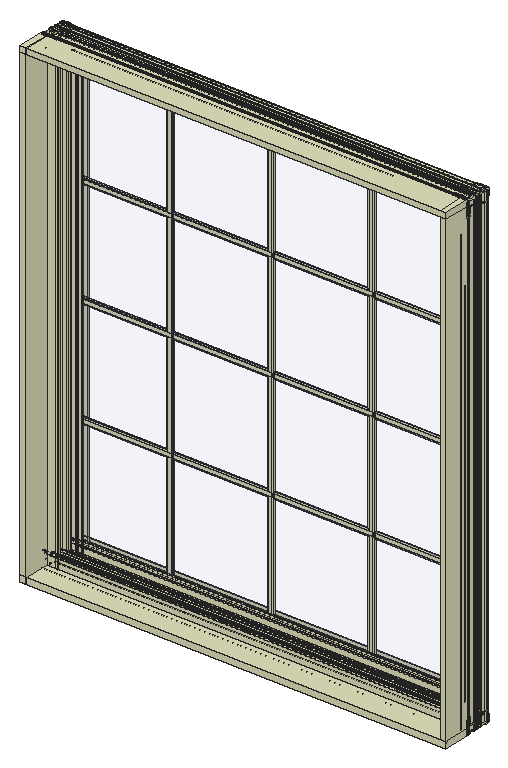
Revit family (continued)
Automatic sketch dimensions
  Sweep 4 sketch curve to Sweep 4 sketch curve = 0' - 0.01714"
  Sweep 4 sketch curve to Sweep 4 sketch curve = 0' - 0.094"
  Sweep 4 sketch curve to Sweep 4 sketch curve = 0' - 0.27984"
  Sweep 4 sketch curve to Sweep 4 sketch curve = 0' - 0.04496"
  Sweep 4 sketch curve to Sweep 4 sketch curve = 0' - 0.06993"
  Sweep 4 sketch curve to Sweep 4 sketch curve = 0' - 0.00011"
  Sweep 4 sketch curve to Sweep 4 sketch curve = 0' - 0.0299"  (x2)
  Sweep 4 sketch curve to Sweep 4 sketch curve = 0' - 0.11021"
  Sweep 4 sketch curve to Sweep 4 sketch curve = 0' - 0.383"
  Sweep 4 sketch curve to Sweep 4 sketch curve = 0' - 0.16011"
  Sweep 4 sketch curve to Sweep 4 sketch curve = 0' - 0.01368"
  Sweep 4 sketch curve to Sweep 4 sketch curve = 0' - 0.03998"
  Sweep 4 sketch curve to Sweep 4 sketch curve = 0' - 0.0275"
  Sweep 4 sketch curve to Sweep 4 sketch curve = 0' - 0.02752"
  plane 10 "Set Back" to Sweep 4 sketch curve = 0' - 0.04999"
  plane 10 "Set Back" to Sweep 4 sketch curve = 0' - 0.05186"
  Sweep 4 sketch curve to Sweep 4 sketch curve = 0' - 0.185"  (x2)
  Sweep 4 sketch curve to Sweep 4 sketch curve = 0' - 0.338"
  Sweep 4 sketch curve to Sweep 4 sketch curve = 0' - 0.37122"
  Sweep 4 sketch curve to Sweep 4 sketch curve = 0' - 0.08021"
  Sweep 4 sketch curve to Sweep 4 sketch curve = 0' - 0.01336"  (x2)
  Sweep 4 sketch curve to Sweep 4 sketch curve = 0' - 0.34"
  Sweep 4 sketch curve to Sweep 4 sketch curve = 0' - 0.047"
  Sweep 4 sketch curve to Sweep 4 sketch curve = 0' - 0.19"
  Sweep 4 sketch curve to Sweep 4 sketch curve = 0' - 0.35014"
  Sweep 4 sketch curve to Sweep 4 sketch curve = 0' - 0.027"
  Sweep 4 sketch curve to Sweep 4 sketch curve = 0' - 0.00938"
  Sweep 4 sketch curve to Sweep 4 sketch curve = 0' - 0.02127"
  Sweep 4 sketch curve to Sweep 4 sketch curve = 0' - 0.09032"
  Sweep 4 sketch curve to Sweep 4 sketch curve = 0' - 0.03915"
  Sweep 4 sketch curve to Sweep 4 sketch curve = 0' - 0.05036"
  Sweep 4 sketch curve to Sweep 4 sketch curve = 0' - 0.00152"
  Sweep 4 sketch curve to Sweep 4 sketch curve = 0' - 0.06753"
  Sweep 4 sketch curve to Sweep 4 sketch curve = 0' - 0.00594"
  Sweep 4 sketch curve to Sweep 4 sketch curve = 0' - 0 5/8"
  Sweep 4 sketch curve to Sweep 4 sketch curve = 0' - 0.005"  (x3)
  Sweep 4 sketch curve to Sweep 4 sketch curve = 0' - 0.58164"
  Sweep 4 sketch curve to Sweep 4 sketch curve = 0' - 0.04411"
  Sweep 4 sketch curve to Sweep 4 sketch curve = 0' - 0.03474"
  Sweep 4 sketch curve to Sweep 4 sketch curve = 0' - 0.03"  (x2)
  Sweep 4 sketch curve to Sweep 4 sketch curve = 0' - 0.0175"
  Sweep 4 sketch curve to Sweep 4 sketch curve = 0' - 0.0025"
  Sweep 5 sketch curve to plane 11 "Left Sash" = 0' - 0"
  Sweep 5 sketch curve to plane 12 "Right Sash" = 0' - 0"
  Sweep 5 sketch curve to Sweep 5 sketch curve = 0' - 0"  (x9)
  profile plane to Sweep 5 sketch curve = 0' - 1.79024"
  Sweep 5 sketch curve to Sweep 5 sketch curve = 0' - 0.01"  (x2)
  Sweep 5 sketch curve to Sweep 5 sketch curve = 0' - 0.00905"  (x2)
  plane 10 "Set Back" to Sweep 5 sketch curve = 0' - 1.68328"
  Sweep 5 sketch curve to Sweep 5 sketch curve = 0' - 0.04958"  (x2)
  Sweep 5 sketch curve to Sweep 5 sketch curve = 0' - 0.04981"  (x2)
  Sweep 5 sketch curve to Sweep 5 sketch curve = 0' - 0.05"  (x3)
  Sweep 5 sketch curve to Sweep 5 sketch curve = 0' - 0.00603"  (x2)
  plane 10 "Set Back" to Sweep 5 sketch curve = 0' - 1.66618"
  Sweep 5 sketch curve to Sweep 5 sketch curve = 0' - 0.031"  (x2)
  Sweep 5 sketch curve to Sweep 5 sketch curve = 0' - 0.00048"  (x2)
  Sweep 5 sketch curve to Sweep 5 sketch curve = 0' - 0.09397"  (x2)
  Sweep 5 sketch curve to Sweep 5 sketch curve = 0' - 0.04698"  (x2)
  Sweep 5 sketch curve to Sweep 5 sketch curve = 0' - 0.069"  (x2)
  Sweep 5 sketch curve to Sweep 5 sketch curve = 0' - 0.63023"  (x2)
  Sweep 5 sketch curve to Sweep 5 sketch curve = 0' - 0.01015"  (x2)
  Sweep 5 sketch curve to Sweep 5 sketch curve = 0' - 0.0601"  (x2)
  Sweep 5 sketch curve to Sweep 5 sketch curve = 0' - 0.02974"  (x2)
  Sweep 5 sketch curve to Sweep 5 sketch curve = 0' - 0.00031"  (x2)
  Sweep 5 sketch curve to Sweep 5 sketch curve = 0' - 0.00743"  (x2)
  Sweep 5 sketch curve to Sweep 5 sketch curve = 0' - 0.02"  (x2)
  Sweep 5 sketch curve to Sweep 5 sketch curve = 0' - 0.01509"
  Sweep 5 sketch curve to Sweep 5 sketch curve = 0' - 0.03152"  (x2)
  Sweep 5 sketch curve to Sweep 5 sketch curve = 0' - 0.00152"  (x2)
  Sweep 5 sketch curve to Sweep 5 sketch curve = 0' - 0.02988"  (x2)
  Sweep 5 sketch curve to Sweep 5 sketch curve = 0' - 0.0383"  (x2)
  Sweep 5 sketch curve to Sweep 5 sketch curve = 0' - 0.05091"
  Sweep 5 sketch curve to Sweep 5 sketch curve = 0' - 0.20585"  (x2)
  Sweep 5 sketch curve to Sweep 5 sketch curve = 0' - 0.27673"
  Sweep 5 sketch curve to Sweep 5 sketch curve = 0' - 0.03433"
  Sweep 5 sketch curve to Sweep 5 sketch curve = 0' - 0.05068"
  Sweep 6 sketch curve to Sweep 6 sketch curve = 0' - 0"  (x6)
  profile plane to Sweep 6 sketch curve = 0' - 1.78271"
  Sweep 6 sketch curve to Sweep 6 sketch curve = 0' - 0.01654"
  Sweep 6 sketch curve to Sweep 6 sketch curve = 0' - 0.02248"
  Sweep 6 sketch curve to Sweep 6 sketch curve = 0' - 0.01099"
  Sweep 6 sketch curve to Sweep 6 sketch curve = 0' - 0.02"
  Sweep 6 sketch curve to Sweep 6 sketch curve = 0' - 0.01"  (x2)
  Sweep 6 sketch curve to Sweep 6 sketch curve = 0' - 0.01189"
  Sweep 6 sketch curve to Sweep 6 sketch curve = 0' - 0.39697"
  Sweep 6 sketch curve to Sweep 6 sketch curve = 0' - 0.02914"
  Sweep 6 sketch curve to Sweep 6 sketch curve = 0' - 0.05214"
  Sweep 6 sketch curve to Sweep 6 sketch curve = 0' - 0.045"  (x5)
  Sweep 6 sketch curve to Sweep 6 sketch curve = 0' - 0.0542"
  plane 10 "Set Back" to Sweep 6 sketch curve = 0' - 0.35879"
  Sweep 6 sketch curve to Sweep 6 sketch curve = 0' - 0.0639"
  Sweep 6 sketch curve to Sweep 6 sketch curve = 0' - 0.07"
  Sweep 6 sketch curve to Sweep 6 sketch curve = 0' - 0.00938"
  Sweep 6 sketch curve to Sweep 6 sketch curve = 0' - 0.03372"
  Sweep 6 sketch curve to Sweep 6 sketch curve = 0' - 0.01167"
  Sweep 6 sketch curve to Sweep 6 sketch curve = 0' - 0.00838"
  plane 10 "Set Back" to Sweep 6 sketch curve = 0' - 0.40987"
  Sweep 6 sketch curve to Sweep 6 sketch curve = 0' - 0.04108"
  Sweep 6 sketch curve to Sweep 6 sketch curve = 0' - 0.13703"
  Sweep 6 sketch curve to Sweep 6 sketch curve = 0' - 0.00592"
  plane 10 "Set Back" to Sweep 6 sketch curve = 0' - 0.39736"
  Sweep 6 sketch curve to Sweep 6 sketch curve = 0' - 0.00324"
  plane 10 "Set Back" to Sweep 6 sketch curve = 0' - 0.34155"
  Sweep 6 sketch curve to Sweep 6 sketch curve = 0' - 0.01591"
  Sweep 6 sketch curve to Sweep 6 sketch curve = 0' - 0.0615"
  Sweep 6 sketch curve to Sweep 6 sketch curve = 0' - 0.02759"
  profile plane to Sweep 6 sketch curve = 0' - 0.26375"
  Sweep 6 sketch curve to Sweep 6 sketch curve = 0' - 0.00004"
  profile plane to Sweep 6 sketch curve = 0' - 0.26371"
  Sweep 6 sketch curve to Sweep 6 sketch curve = 0' - 0.05508"
  Sweep 6 sketch curve to Sweep 6 sketch curve = 0' - 0.01092"
  Sweep 6 sketch curve to Sweep 6 sketch curve = 0' - 0.03092"  (x2)
  Sweep 6 sketch curve to Sweep 6 sketch curve = 0' - 0.03237"
  Sweep 6 sketch curve to Sweep 6 sketch curve = 0' - 0.0001"
  Sweep 6 sketch curve to Sweep 6 sketch curve = 0' - 0.03736"
  Sweep 6 sketch curve to Sweep 6 sketch curve = 0' - 0.02705"
  Sweep 6 sketch curve to Sweep 6 sketch curve = 0' - 0.47868"
  Sweep 6 sketch curve to Sweep 6 sketch curve = 0' - 0.011"
  Sweep 6 sketch curve to Sweep 6 sketch curve = 0' - 0.093"
  Sweep 6 sketch curve to Sweep 6 sketch curve = 0' - 0.075"
  Sweep 7 sketch curve to Sweep 7 sketch curve = 0' - 0"  (x7)
  Sweep 7 sketch curve to profile plane = 0' - 0.13271"
  Sweep 7 sketch curve to Sweep 7 sketch curve = 0' - 0.02"  (x2)
  Sweep 7 sketch curve to Sweep 7 sketch curve = 0' - 0.03092"  (x2)
  Sweep 7 sketch curve to Sweep 7 sketch curve = 0' - 0.05508"
  Sweep 7 sketch curve to Sweep 7 sketch curve = 0' - 0.045"  (x5)
  Sweep 7 sketch curve to Sweep 7 sketch curve = 0' - 0.00004"
  plane 10 "Set Back" to Sweep 7 sketch curve = 0' - 0.21538"
  Sweep 7 sketch curve to Sweep 7 sketch curve = 0' - 0.561"
  Sweep 7 sketch curve to Sweep 7 sketch curve = 0' - 0.02759"
  plane 10 "Set Back" to Sweep 7 sketch curve = 0' - 0.34155"
  Sweep 7 sketch curve to Sweep 7 sketch curve = 0' - 0.0615"
  plane 10 "Set Back" to Sweep 7 sketch curve = 0' - 0.39736"
  Sweep 7 sketch curve to Sweep 7 sketch curve = 0' - 0.00676"
  Sweep 7 sketch curve to Sweep 7 sketch curve = 0' - 0.01"  (x2)
  Sweep 7 sketch curve to Sweep 7 sketch curve = 0' - 0.00592"
  Sweep 7 sketch curve to Sweep 7 sketch curve = 0' - 0.13915"  (x2)
  Sweep 7 sketch curve to Sweep 7 sketch curve = 0' - 0 1/256"
  plane 10 "Set Back" to Sweep 7 sketch curve = 0' - 0.23259"
  Sweep 7 sketch curve to Sweep 7 sketch curve = 0' - 0.13703"
  Sweep 7 sketch curve to Sweep 7 sketch curve = 0' - 0.00838"
  Sweep 7 sketch curve to Sweep 7 sketch curve = 0' - 0.01167"
  Sweep 7 sketch curve to Sweep 7 sketch curve = 0' - 0.03562"
  plane 10 "Set Back" to Sweep 7 sketch curve = 0' - 0.35879"
  Sweep 7 sketch curve to Sweep 7 sketch curve = 0' - 0.04718"
  Sweep 7 sketch curve to Sweep 7 sketch curve = 0' - 0.03372"
  Sweep 7 sketch curve to Sweep 7 sketch curve = 0' - 0.07938"
  Sweep 7 sketch curve to Sweep 7 sketch curve = 0' - 0.10138"
  Sweep 7 sketch curve to Sweep 7 sketch curve = 0' - 0.05214"
  Sweep 7 sketch curve to Sweep 7 sketch curve = 0' - 0.39697"
  Sweep 7 sketch curve to Sweep 7 sketch curve = 0' - 0.01189"
  Sweep 7 sketch curve to Sweep 7 sketch curve = 0' - 0.01099"
  Sweep 7 sketch curve to Sweep 7 sketch curve = 0' - 0.03346"
  Sweep 7 sketch curve to Sweep 7 sketch curve = 0' - 0.01654"
  Sweep 7 sketch curve to Sweep 7 sketch curve = 0' - 0.02705"
  Sweep 7 sketch curve to Sweep 7 sketch curve = 0' - 0.03736"
  Sweep 7 sketch curve to Sweep 7 sketch curve = 0' - 0.01865"
  Sweep 7 sketch curve to Sweep 7 sketch curve = 0' - 0.47868"
  Sweep 7 sketch curve to Sweep 7 sketch curve = 0' - 0.011"
  Sweep 7 sketch curve to Sweep 7 sketch curve = 0' - 0.093"
  Sweep 7 sketch curve to Sweep 7 sketch curve = 0' - 0.075"
  Sweep 8 sketch curve to plane 16 "Sill (Interior)" = 0' - 0"
  Sweep 8 sketch curve to plane 15 "Head (Interior)" = 0' - 0"
  Sweep 8 sketch curve to Sweep 8 sketch curve = 0' - 0"  (x4)
  Sweep 8 sketch curve to plane 32 = 0' - 0"
  plane 28 to Sweep 8 sketch curve = 0' - 0.04504"
  plane 10 "Set Back" to Sweep 8 sketch curve = 0' - 0 41/256"
  Sweep 8 sketch curve to plane 32 = 0' - 0.01792"
  Sweep 8 sketch curve to Sweep 8 sketch curve = 0' - 0.04533"
  plane 32 to Sweep 8 sketch curve = 0' - 0.0158"
  Sweep 8 sketch curve to Sweep 8 sketch curve = 0' - 0.00006"
  Sweep 8 sketch curve to Sweep 8 sketch curve = 0' - 0.0449"
  Sweep 8 sketch curve to plane 32 = 0' - 0.03797"
  plane 31 to Sweep 8 sketch curve = 0' - 0.08909"
  Sweep 8 sketch curve to Sweep 8 sketch curve = 0' - 0.04001"
  Sweep 8 sketch curve to Sweep 8 sketch curve = 0' - 0.045"
  Sweep 8 sketch curve to Sweep 8 sketch curve = 0' - 0.0001"
  Sweep 8 sketch curve to Sweep 8 sketch curve = 0' - 0.03736"
  Sweep 8 sketch curve to Sweep 8 sketch curve = 0' - 0.00572"
  Sweep 8 sketch curve to Sweep 8 sketch curve = 0' - 0.04308"
  plane 32 to Sweep 8 sketch curve = 0' - 0.0061"
  Sweep 8 sketch curve to Sweep 8 sketch curve = 0' - 0.1262"
  plane 31 to Sweep 8 sketch curve = 0' - 0.02759"
  Sweep 8 sketch curve to Sweep 8 sketch curve = 0' - 0.02214"
  plane 31 to Sweep 8 sketch curve = 0' - 0.09585"
  Sweep 8 sketch curve to Sweep 8 sketch curve = 0' - 0.01865"
  Sweep 8 sketch curve to Sweep 8 sketch curve = 0' - 0.02618"
  Sweep 8 sketch curve to plane 32 = 0' - 0.00938"
  Sweep 8 sketch curve to Sweep 8 sketch curve = 0' - 0.47868"
  Sweep 8 sketch curve to Sweep 8 sketch curve = 0' - 0.011"
  Sweep 8 sketch curve to Sweep 8 sketch curve = 0' - 0.00311"
  Sweep 8 sketch curve to Sweep 8 sketch curve = 0' - 0.02"  (x2)
  Sweep 8 sketch curve to Sweep 8 sketch curve = 0' - 0.01189"  (x2)
  plane 33 to Sweep 8 sketch curve = 0' - 0.045"
  Sweep 8 sketch curve to Sweep 8 sketch curve = 0' - 0.7351"
  Sweep 8 sketch curve to Sweep 8 sketch curve = 0' - 0.075"
  plane 28 to Sweep 8 sketch curve = 0' - 0.045"
  Sweep 8 sketch curve to Sweep 8 sketch curve = 0' - 0.013"
  Sweep 8 sketch curve to Sweep 8 sketch curve = 0' - 0.03092"
  Sweep 8 sketch curve to Sweep 8 sketch curve = 0' - 0.07"
  plane 33 to Sweep 8 sketch curve = 0' - 0.022"
  Sweep 8 sketch curve to Sweep 8 sketch curve = 0' - 0.01664"
  Sweep 8 sketch curve to Sweep 8 sketch curve = 0' - 0.39697"
  Sweep 8 sketch curve to Sweep 8 sketch curve = 0' - 0.01099"
  Sweep 8 sketch curve to Sweep 8 sketch curve = 0' - 0.03346"
  Sweep 8 sketch curve to plane 32 = 0' - 0.04108"
  Sweep 8 sketch curve to Sweep 8 sketch curve = 0' - 0.00592"
  Sweep 9 sketch curve to plane 16 "Sill (Interior)" = 0' - 0.18988"
  Sweep 9 sketch curve to plane 15 "Head (Interior)" = 0' - 0.22798"
  Sweep 9 sketch curve to Sweep 9 sketch curve = 0' - 0"  (x4)
  Sweep 9 sketch curve to plane 38 = 0' - 0"
  plane 34 to Sweep 9 sketch curve = 0' - 0.04504"
  plane 10 "Set Back" to Sweep 9 sketch curve = 0' - 0 41/256"
  Sweep 9 sketch curve to plane 38 = 0' - 0.01792"
  Sweep 9 sketch curve to Sweep 9 sketch curve = 0' - 0.04533"
  plane 38 to Sweep 9 sketch curve = 0' - 0.0158"
  Sweep 9 sketch curve to Sweep 9 sketch curve = 0' - 0.00006"
  Sweep 9 sketch curve to Sweep 9 sketch curve = 0' - 0.0449"
  Sweep 9 sketch curve to plane 38 = 0' - 0.03797"
  plane 37 to Sweep 9 sketch curve = 0' - 0.08909"
  Sweep 9 sketch curve to Sweep 9 sketch curve = 0' - 0.04001"
  Sweep 9 sketch curve to Sweep 9 sketch curve = 0' - 0.045"  (x2)
  Sweep 9 sketch curve to Sweep 9 sketch curve = 0' - 0.0001"
  Sweep 9 sketch curve to Sweep 9 sketch curve = 0' - 0.03736"
  Sweep 9 sketch curve to Sweep 9 sketch curve = 0' - 0.00572"
  Sweep 9 sketch curve to Sweep 9 sketch curve = 0' - 0.04308"
  plane 38 to Sweep 9 sketch curve = 0' - 0.0061"
  Sweep 9 sketch curve to Sweep 9 sketch curve = 0' - 0.1262"
  plane 37 to Sweep 9 sketch curve = 0' - 0.02759"
  Sweep 9 sketch curve to Sweep 9 sketch curve = 0' - 0.02214"
  plane 37 to Sweep 9 sketch curve = 0' - 0.09585"
  Sweep 9 sketch curve to Sweep 9 sketch curve = 0' - 0.01865"
  Sweep 9 sketch curve to Sweep 9 sketch curve = 0' - 0.02618"
  Sweep 9 sketch curve to plane 38 = 0' - 0.00938"
  Sweep 9 sketch curve to Sweep 9 sketch curve = 0' - 0.47868"
  Sweep 9 sketch curve to Sweep 9 sketch curve = 0' - 0.011"
  Sweep 9 sketch curve to Sweep 9 sketch curve = 0' - 0.00311"
  Sweep 9 sketch curve to Sweep 9 sketch curve = 0' - 0.02"  (x2)
  Sweep 9 sketch curve to Sweep 9 sketch curve = 0' - 0.01189"
  plane 39 to Sweep 9 sketch curve = 0' - 0.045"
  Sweep 9 sketch curve to Sweep 9 sketch curve = 0' - 0.7351"
  Sweep 9 sketch curve to Sweep 9 sketch curve = 0' - 0.075"
  plane 34 to Sweep 9 sketch curve = 0' - 0.045"
  Sweep 9 sketch curve to Sweep 9 sketch curve = 0' - 0.013"
  Sweep 9 sketch curve to Sweep 9 sketch curve = 0' - 0.03092"
  Sweep 9 sketch curve to Sweep 9 sketch curve = 0' - 0.07"
  plane 39 to Sweep 9 sketch curve = 0' - 0.022"
  Sweep 9 sketch curve to Sweep 9 sketch curve = 0' - 0.01664"
  Sweep 9 sketch curve to Sweep 9 sketch curve = 0' - 0.00592"
  Sweep 9 sketch curve to Sweep 9 sketch curve = 0' - 0.39697"
  Sweep 9 sketch curve to Sweep 9 sketch curve = 0' - 0.01"
  Sweep 9 sketch curve to Sweep 9 sketch curve = 0' - 0.01099"
  Sweep 9 sketch curve to Sweep 9 sketch curve = 0' - 0.03346"
  Sweep 10 sketch curve to plane 11 "Left Sash" = 0' - 0"
  Sweep 10 sketch curve to plane 12 "Right Sash" = 0' - 0"
  plane 10 "Set Back" to Sweep 10 sketch curve = 0' - 0.21384"
  profile plane to Sweep 10 sketch curve = 0' - 1.78234"
  Sweep 10 sketch curve to Sweep 10 sketch curve = 0' - 0.01989"
  Sweep 10 sketch curve to Sweep 10 sketch curve = 0' - 0.00455"
  Sweep 10 sketch curve to Sweep 10 sketch curve = 0' - 0.00601"
  Sweep 10 sketch curve to Sweep 10 sketch curve = 0' - 0.01672"
  Sweep 10 sketch curve to Sweep 10 sketch curve = 0' - 0.02808"
  plane 10 "Set Back" to Sweep 10 sketch curve = 0' - 0.16586"
  Sweep 10 sketch curve to Sweep 10 sketch curve = 0' - 0.48261"
  Sweep 10 sketch curve to Sweep 10 sketch curve = 0' - 0.0188"
  Sweep 10 sketch curve to Sweep 10 sketch curve = 0' - 0.0504"
  Sweep 10 sketch curve to Sweep 10 sketch curve = 0' - 0.0291"
  Sweep 10 sketch curve to Sweep 10 sketch curve = 0' - 0"
  Sweep 10 sketch curve to Sweep 10 sketch curve = 0' - 0.02838"
  plane 10 "Set Back" to Sweep 10 sketch curve = 0' - 0.28886"
  Sweep 10 sketch curve to Sweep 10 sketch curve = 0' - 0.01156"
  Sweep 10 sketch curve to Sweep 10 sketch curve = 0' - 0.11194"
  Sweep 10 sketch curve to Sweep 10 sketch curve = 0' - 0.00625"
  plane 10 "Set Back" to Sweep 10 sketch curve = 0' - 0.29378"
  Sweep 10 sketch curve to Sweep 10 sketch curve = 0' - 0.01066"
  Sweep 10 sketch curve to Sweep 10 sketch curve = 0' - 0.01431"
  Sweep 10 sketch curve to Sweep 10 sketch curve = 0' - 0.00002"
  Sweep 10 sketch curve to Sweep 10 sketch curve = 0' - 0.00527"
  Sweep 10 sketch curve to Sweep 10 sketch curve = 0' - 0.02286"
  Sweep 11 sketch curve to plane 11 "Left Sash" = 0' - 0"
  Sweep 11 sketch curve to plane 12 "Right Sash" = 0' - 0"
  plane 10 "Set Back" to Sweep 11 sketch curve = 0' - 0.29378"
  Sweep 11 sketch curve to profile plane = 0' - 0.96796"
  Sweep 11 sketch curve to Sweep 11 sketch curve = 0' - 0.01066"
  Sweep 11 sketch curve to Sweep 11 sketch curve = 0' - 0.00625"
  plane 10 "Set Back" to Sweep 11 sketch curve = 0' - 0.28886"
  Sweep 11 sketch curve to Sweep 11 sketch curve = 0' - 0.11819"
  Sweep 11 sketch curve to Sweep 11 sketch curve = 0' - 0.01156"
  Sweep 11 sketch curve to Sweep 11 sketch curve = 0' - 0.02838"
  Sweep 11 sketch curve to Sweep 11 sketch curve = 0' - 0"
  Sweep 11 sketch curve to Sweep 11 sketch curve = 0' - 0.0291"
  Sweep 11 sketch curve to Sweep 11 sketch curve = 0' - 0.0504"
  Sweep 11 sketch curve to Sweep 11 sketch curve = 0' - 0.0188"
  Sweep 11 sketch curve to Sweep 11 sketch curve = 0' - 0.48261"
  Sweep 11 sketch curve to Sweep 11 sketch curve = 0' - 0.02808"
  Sweep 11 sketch curve to Sweep 11 sketch curve = 0' - 0.00616"
  Sweep 11 sketch curve to Sweep 11 sketch curve = 0' - 0.00601"
  Sweep 11 sketch curve to Sweep 11 sketch curve = 0' - 0.01672"
  Sweep 11 sketch curve to Sweep 11 sketch curve = 0' - 0.01989"
  Sweep 11 sketch curve to Sweep 11 sketch curve = 0' - 0.05299"
  plane 10 "Set Back" to Sweep 11 sketch curve = 0' - 0.23373"
  Sweep 11 sketch curve to Sweep 11 sketch curve = 0' - 0.06055"
  Sweep 11 sketch curve to Sweep 11 sketch curve = 0' - 0.00302"
  Sweep 11 sketch curve to Sweep 11 sketch curve = 0' - 0.00002"
  Sweep 11 sketch curve to Sweep 11 sketch curve = 0' - 0.02285"
  Sweep 12 sketch curve to plane 16 "Sill (Interior)" = 0' - 0"
  Sweep 12 sketch curve to plane 15 "Head (Interior)" = 0' - 0"
  Sweep 12 sketch curve to plane 41 = 0' - 0.03045"
  plane 10 "Set Back" to Sweep 12 sketch curve = 0' - 0.16586"
  Sweep 12 sketch curve to Sweep 12 sketch curve = 0' - 0.01431"
  Sweep 12 sketch curve to Sweep 12 sketch curve = 0' - 0.02326"
  Sweep 12 sketch curve to Sweep 12 sketch curve = 0' - 0.01042"
  Sweep 12 sketch curve to Sweep 12 sketch curve = 0' - 0.04995"
  Sweep 12 sketch curve to Sweep 12 sketch curve = 0' - 0.00418"
  Sweep 12 sketch curve to Sweep 12 sketch curve = 0' - 0.00002"
  Sweep 12 sketch curve to Sweep 12 sketch curve = 0' - 0.00527"
  Sweep 12 sketch curve to Sweep 12 sketch curve = 0' - 0.00829"
  Sweep 12 sketch curve to plane 41 = 0' - 0.01989"
  Sweep 12 sketch curve to Sweep 12 sketch curve = 0' - 0.02006"
  Sweep 12 sketch curve to Sweep 12 sketch curve = 0' - 0.06055"
  Sweep 12 sketch curve to Sweep 12 sketch curve = 0' - 0.00492"
  Sweep 12 sketch curve to Sweep 12 sketch curve = 0' - 0.02285"
  Sweep 12 sketch curve to Sweep 12 sketch curve = 0' - 0.02443"
  Sweep 12 sketch curve to Sweep 12 sketch curve = 0' - 0.00601"
  Sweep 12 sketch curve to Sweep 12 sketch curve = 0' - 0.48261"
  Sweep 12 sketch curve to Sweep 12 sketch curve = 0' - 0.0188"
  Sweep 12 sketch curve to Sweep 12 sketch curve = 0' - 0.0291"
  Sweep 12 sketch curve to Sweep 12 sketch curve = 0' - 0"
  Sweep 12 sketch curve to Sweep 12 sketch curve = 0' - 0.11194"
  Sweep 12 sketch curve to Sweep 12 sketch curve = 0' - 0.00625"
  Sweep 13 sketch curve to plane 16 "Sill (Interior)" = 0' - 0"
  Sweep 13 sketch curve to plane 15 "Head (Interior)" = 0' - 0"
  plane 40 to Sweep 13 sketch curve = 0' - 0.01989"
  plane 40 to Sweep 13 sketch curve = 0' - 0.02444"
  Sweep 13 sketch curve to Sweep 13 sketch curve = 0' - 0.00601"
  Sweep 13 sketch curve to Sweep 13 sketch curve = 0' - 0.01672"
  Sweep 13 sketch curve to Sweep 13 sketch curve = 0' - 0.02808"
  plane 10 "Set Back" to Sweep 13 sketch curve = 0' - 0.16586"
  Sweep 13 sketch curve to Sweep 13 sketch curve = 0' - 0.48261"
  Sweep 13 sketch curve to Sweep 13 sketch curve = 0' - 0.0188"
  Sweep 13 sketch curve to Sweep 13 sketch curve = 0' - 0.0504"
  Sweep 13 sketch curve to Sweep 13 sketch curve = 0' - 0.0291"
  Sweep 13 sketch curve to Sweep 13 sketch curve = 0' - 0"
  Sweep 13 sketch curve to Sweep 13 sketch curve = 0' - 0.02838"
  plane 10 "Set Back" to Sweep 13 sketch curve = 0' - 0.28886"
  Sweep 13 sketch curve to Sweep 13 sketch curve = 0' - 0.01156"
  Sweep 13 sketch curve to Sweep 13 sketch curve = 0' - 0.11194"
  Sweep 13 sketch curve to Sweep 13 sketch curve = 0' - 0.00625"
  plane 10 "Set Back" to Sweep 13 sketch curve = 0' - 0.29378"
  Sweep 13 sketch curve to Sweep 13 sketch curve = 0' - 0.01066"
  Sweep 13 sketch curve to Sweep 13 sketch curve = 0' - 0.01431"
  Sweep 13 sketch curve to Sweep 13 sketch curve = 0' - 0.02326"
  Sweep 13 sketch curve to Sweep 13 sketch curve = 0' - 0.00002"
  Sweep 13 sketch curve to Sweep 13 sketch curve = 0' - 0.00527"
  Sweep 13 sketch curve to Sweep 13 sketch curve = 0' - 0.02285"
  Sweep 14 sketch curve to plane 5 "Sill" = 0' - 0"
  Sweep 14 sketch curve to plane 6 "Head" = 0' - 0"
  Sweep 14 sketch curve to profile plane = 0' - 0"
  Sweep 15 sketch curve to plane 5 "Sill" = 0' - 0"
  Sweep 15 sketch curve to plane 6 "Head" = 0' - 0"
  Sweep 15 sketch curve to profile plane = 0' - 0"
  Sweep 16 sketch curve to plane 3 "Left" = 0' - 0"
  Sweep 16 sketch curve to plane 4 "Right" = 0' - 0"
  Sweep 16 sketch curve to profile plane = 0' - 0"
  Sweep 17 sketch curve to plane 3 "Left" = 0' - 0"
  Sweep 17 sketch curve to plane 4 "Right" = 0' - 0"
  Sweep 17 sketch curve to profile plane = 0' - 0"
  Sweep 20 sketch curve to plane 59 = 0' - 0"
  Sweep 20 sketch curve to plane 58 = 0' - 0"
  plane 10 "Set Back" to Sweep 20 sketch curve = 0' - 0.47242"  (x3)
  plane 10 "Set Back" to Sweep 20 sketch curve = 0' - 0.50481"  (x6)
  plane 10 "Set Back" to Sweep 20 sketch curve = 0' - 0.52163"  (x6)
  Sweep 20 sketch curve to Sweep 20 sketch curve = 0' - 0.1378"  (x6)
  Sweep 20 sketch curve to Sweep 20 sketch curve = 0' - 0.01682"  (x6)
  Sweep 20 sketch curve to Sweep 20 sketch curve = 0' - 0.03239"  (x3)
  plane 68 to Sweep 20 sketch curve = 0' - 0.15945"  (x2)
  Sweep 20 sketch curve to Sweep 20 sketch curve = 0' - 0.0187"  (x12)
  Sweep 20 sketch curve to plane 67 = 0' - 0.17815"  (x2)
  plane 72 to Sweep 20 sketch curve = 0' - 0.15945"  (x2)
  Sweep 20 sketch curve to plane 71 = 0' - 0.17815"  (x2)
  plane 70 to Sweep 20 sketch curve = 0' - 0.15945"  (x2)
  Sweep 20 sketch curve to plane 69 = 0' - 0.17815"  (x2)
  Sweep 21 sketch curve to plane 59 = 0' - 0"
  Sweep 21 sketch curve to plane 58 = 0' - 0"
  Sweep 21 sketch curve to plane 83 = 0' - 0.15945"  (x2)
  plane 10 "Set Back" to Sweep 21 sketch curve = 0' - 0.50481"  (x8)
  Sweep 21 sketch curve to Sweep 21 sketch curve = 0' - 0.0187"  (x16)
  plane 10 "Set Back" to Sweep 21 sketch curve = 0' - 0.47242"  (x4)
  plane 84 to Sweep 21 sketch curve = 0' - 0.17815"  (x2)
  Sweep 21 sketch curve to plane 81 = 0' - 0.15945"  (x2)
  plane 82 to Sweep 21 sketch curve = 0' - 0.17815"  (x2)
  Sweep 21 sketch curve to plane 79 = 0' - 0.15945"  (x2)
  plane 80 to Sweep 21 sketch curve = 0' - 0.17815"  (x2)
  Sweep 21 sketch curve to plane 77 = 0' - 0.15945"  (x2)
  plane 78 to Sweep 21 sketch curve = 0' - 0.17815"  (x2)
  plane 10 "Set Back" to Sweep 21 sketch curve = 0' - 0.52163"  (x8)
  Sweep 21 sketch curve to Sweep 21 sketch curve = 0' - 0.1378"  (x8)
  Sweep 21 sketch curve to Sweep 21 sketch curve = 0' - 0.01682"  (x8)
  Sweep 21 sketch curve to Sweep 21 sketch curve = 0' - 0.03239"  (x4)
  Sweep 22 sketch curve to plane 59 = 0' - 0"
  Sweep 22 sketch curve to plane 58 = 0' - 0"
  plane 10 "Set Back" to Sweep 22 sketch curve = 0' - 0.47242"  (x5)
  plane 10 "Set Back" to Sweep 22 sketch curve = 0' - 0.50481"  (x10)
  plane 10 "Set Back" to Sweep 22 sketch curve = 0' - 0.52163"  (x10)
  Sweep 22 sketch curve to Sweep 22 sketch curve = 0' - 0.1378"  (x10)
  Sweep 22 sketch curve to Sweep 22 sketch curve = 0' - 0.01682"  (x10)
  Sweep 22 sketch curve to Sweep 22 sketch curve = 0' - 0.03239"  (x5)
  plane 91 to Sweep 22 sketch curve = 0' - 0.15945"  (x2)
  Sweep 22 sketch curve to Sweep 22 sketch curve = 0' - 0.0187"  (x20)
  Sweep 22 sketch curve to plane 90 = 0' - 0.17815"  (x2)
  plane 93 to Sweep 22 sketch curve = 0' - 0.15945"  (x2)
  Sweep 22 sketch curve to plane 92 = 0' - 0.17815"  (x2)
  plane 95 to Sweep 22 sketch curve = 0' - 0.15945"  (x2)
  Sweep 22 sketch curve to plane 94 = 0' - 0.17815"  (x2)
  plane 97 to Sweep 22 sketch curve = 0' - 0.15945"  (x2)
  Sweep 22 sketch curve to plane 96 = 0' - 0.17815"  (x2)
  plane 99 to Sweep 22 sketch curve = 0' - 0.15945"  (x2)
  Sweep 22 sketch curve to plane 98 = 0' - 0.17815"  (x2)
  Sweep 23 sketch curve to plane 60 = 0' - 0"
  Sweep 23 sketch curve to plane 61 = 0' - 0"
  Sweep 23 sketch curve to plane 101 = 0' - 0.15945"  (x2)
  plane 10 "Set Back" to Sweep 23 sketch curve = 0' - 0.50481"  (x2)
  Sweep 23 sketch curve to Sweep 23 sketch curve = 0' - 0.0187"  (x4)
  plane 10 "Set Back" to Sweep 23 sketch curve = 0' - 0.47242"
  plane 100 to Sweep 23 sketch curve = 0' - 0.17815"  (x2)
  plane 10 "Set Back" to Sweep 23 sketch curve = 0' - 0.52163"  (x2)
  Sweep 23 sketch curve to Sweep 23 sketch curve = 0' - 0.1378"  (x2)
  Sweep 23 sketch curve to Sweep 23 sketch curve = 0' - 0.01682"  (x2)
  Sweep 23 sketch curve to Sweep 23 sketch curve = 0' - 0.03239"
  Sweep 24 sketch curve to plane 60 = 0' - 0"
  Sweep 24 sketch curve to plane 61 = 0' - 0"
  Sweep 24 sketch curve to plane 105 = 0' - 0.15945"  (x2)
  plane 10 "Set Back" to Sweep 24 sketch curve = 0' - 0.50481"  (x4)
  Sweep 24 sketch curve to Sweep 24 sketch curve = 0' - 0.0187"  (x8)
  plane 10 "Set Back" to Sweep 24 sketch curve = 0' - 0.47242"  (x2)
  plane 104 to Sweep 24 sketch curve = 0' - 0.17815"  (x2)
  Sweep 24 sketch curve to plane 107 = 0' - 0.15945"  (x2)
  plane 106 to Sweep 24 sketch curve = 0' - 0.17815"  (x2)
  plane 10 "Set Back" to Sweep 24 sketch curve = 0' - 0.52163"  (x4)
  Sweep 24 sketch curve to Sweep 24 sketch curve = 0' - 0.1378"  (x4)
  Sweep 24 sketch curve to Sweep 24 sketch curve = 0' - 0.01682"  (x4)
  Sweep 24 sketch curve to Sweep 24 sketch curve = 0' - 0.03239"  (x2)
  Sweep 25 sketch curve to plane 60 = 0' - 0"
  Sweep 25 sketch curve to plane 61 = 0' - 0"
  plane 10 "Set Back" to Sweep 25 sketch curve = 0' - 0.50481"  (x6)
  Sweep 25 sketch curve to plane 114 = 0' - 0.15945"  (x2)
  Sweep 25 sketch curve to Sweep 25 sketch curve = 0' - 0.0187"  (x12)
  plane 10 "Set Back" to Sweep 25 sketch curve = 0' - 0.47242"  (x3)
  plane 113 to Sweep 25 sketch curve = 0' - 0.17815"  (x2)
  Sweep 25 sketch curve to plane 112 = 0' - 0.15945"  (x2)
  plane 111 to Sweep 25 sketch curve = 0' - 0.17815"  (x2)
  Sweep 25 sketch curve to plane 116 = 0' - 0.15945"  (x2)
  plane 115 to Sweep 25 sketch curve = 0' - 0.17815"  (x2)
  plane 10 "Set Back" to Sweep 25 sketch curve = 0' - 0.52163"  (x6)
  Sweep 25 sketch curve to Sweep 25 sketch curve = 0' - 0.1378"  (x6)
  Sweep 25 sketch curve to Sweep 25 sketch curve = 0' - 0.01682"  (x6)
  Sweep 25 sketch curve to Sweep 25 sketch curve = 0' - 0.03239"  (x3)
  Sweep 26 sketch curve to plane 60 = 0' - 0"
  Sweep 26 sketch curve to plane 61 = 0' - 0"
  plane 10 "Set Back" to Sweep 26 sketch curve = 0' - 0.50481"  (x8)
  plane 127 to Sweep 26 sketch curve = 0' - 0.15945"  (x2)
  plane 10 "Set Back" to Sweep 26 sketch curve = 0' - 0.47242"  (x4)
  Sweep 26 sketch curve to Sweep 26 sketch curve = 0' - 0.0187"  (x16)
  Sweep 26 sketch curve to plane 128 = 0' - 0.17815"  (x2)
  plane 125 to Sweep 26 sketch curve = 0' - 0.15945"  (x2)
  Sweep 26 sketch curve to plane 126 = 0' - 0.17815"  (x2)
  plane 123 to Sweep 26 sketch curve = 0' - 0.15945"  (x2)
  Sweep 26 sketch curve to plane 124 = 0' - 0.17815"  (x2)
  plane 121 to Sweep 26 sketch curve = 0' - 0.15945"  (x2)
  Sweep 26 sketch curve to plane 122 = 0' - 0.17815"  (x2)
  plane 10 "Set Back" to Sweep 26 sketch curve = 0' - 0.52163"  (x8)
  Sweep 26 sketch curve to Sweep 26 sketch curve = 0' - 0.1378"  (x8)
  Sweep 26 sketch curve to Sweep 26 sketch curve = 0' - 0.01682"  (x8)
  Sweep 26 sketch curve to Sweep 26 sketch curve = 0' - 0.03239"  (x4)
  Sweep 27 sketch curve to plane 59 = 0' - 0"
  Sweep 27 sketch curve to plane 58 = 0' - 0"
  Sweep 27 sketch curve to plane 131 = 0' - 0.15945"  (x2)
  plane 10 "Set Back" to Sweep 27 sketch curve = 0' - 0.50481"  (x4)
  Sweep 27 sketch curve to Sweep 27 sketch curve = 0' - 0.0187"  (x8)
  plane 10 "Set Back" to Sweep 27 sketch curve = 0' - 0.47242"  (x2)
  plane 132 to Sweep 27 sketch curve = 0' - 0.17815"  (x2)
  Sweep 27 sketch curve to plane 129 = 0' - 0.15945"  (x2)
  plane 130 to Sweep 27 sketch curve = 0' - 0.17815"  (x2)
  plane 10 "Set Back" to Sweep 27 sketch curve = 0' - 0.52163"  (x4)
  Sweep 27 sketch curve to Sweep 27 sketch curve = 0' - 0.1378"  (x4)
  Sweep 27 sketch curve to Sweep 27 sketch curve = 0' - 0.01682"  (x4)
  Sweep 27 sketch curve to Sweep 27 sketch curve = 0' - 0.03239"  (x2)
  Sweep 28 sketch curve to plane 60 = 0' - 0"
  Sweep 28 sketch curve to plane 61 = 0' - 0"
  Sweep 28 sketch curve to plane 134 = 0' - 0.15945"  (x2)
  plane 10 "Set Back" to Sweep 28 sketch curve = 0' - 0.50481"  (x2)
  plane 10 "Set Back" to Sweep 28 sketch curve = 0' - 0.47242"
  Sweep 28 sketch curve to Sweep 28 sketch curve = 0' - 0.0187"  (x4)
  plane 133 to Sweep 28 sketch curve = 0' - 0.17815"  (x2)
  plane 10 "Set Back" to Sweep 28 sketch curve = 0' - 0.52163"  (x2)
  Sweep 28 sketch curve to Sweep 28 sketch curve = 0' - 0.1378"  (x2)
  Sweep 28 sketch curve to Sweep 28 sketch curve = 0' - 0.01682"  (x2)
  Sweep 28 sketch curve to Sweep 28 sketch curve = 0' - 0.03239"
  Sweep 29 sketch curve to plane 19 = 0' - 0"
  Sweep 29 sketch curve to plane 60 = 0' - 0"
  Sweep 29 sketch curve to plane 61 = 0' - 0"
  plane 135 to Sweep 29 sketch curve = 0' - 0.15945"  (x2)
  plane 10 "Set Back" to Sweep 29 sketch curve = 0' - 0.50481"  (x2)
  Sweep 29 sketch curve to Sweep 29 sketch curve = 0' - 0.0187"  (x4)
  plane 10 "Set Back" to Sweep 29 sketch curve = 0' - 0.47242"
  Sweep 29 sketch curve to plane 136 = 0' - 0.17815"  (x2)
  plane 10 "Set Back" to Sweep 29 sketch curve = 0' - 0.52163"  (x2)
  Sweep 29 sketch curve to Sweep 29 sketch curve = 0' - 0.1378"  (x2)
  Sweep 29 sketch curve to Sweep 29 sketch curve = 0' - 0.01682"  (x2)
  Sweep 29 sketch curve to Sweep 29 sketch curve = 0' - 0.03239"
